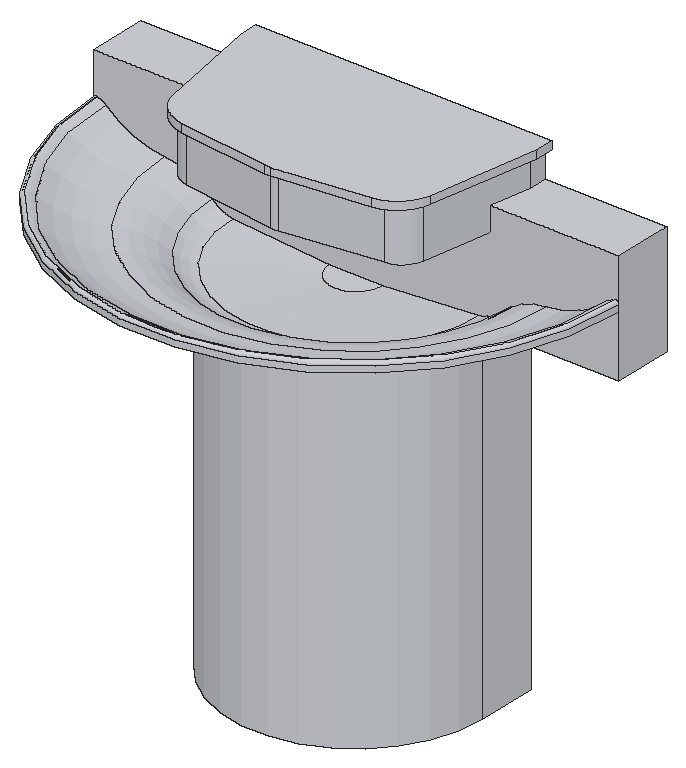
Revit family "Washfountain_Willoughby-WWF-4204-FLR", category Plumbing Fixtures, Revit 2015
Parameters
  URL = "https://www.willoughby-ind.com/wp-content/uploads/2018/01/WWF-4204.pdf"
  Revision = "A"
  Model = "WWF-4204-FLR-JR"
  Manufacturer = "Willoughby Industries"
  Description = "4 Station Half Round 42\" Stainless Steel, Deep Bowl Washfountain, Floor Mounted, Junior Height"
  Contact Info = "(800) 428-4065"
Reference planes (in)
  plane 1 "Center (Front/Back)": y = 0
  plane 2: z = 0
  plane 3 "Center (Left/Right)": x = 0
Forms (in)
  Extrusion 1, solid
    sketch origin (0, 0, 24) x (1, 0, 0) y (0, 0, 1)
      loop
        line (-21, 22) -> (-21, 13) -> (21, 13) -> (21, 22) -> (-21, 22)
    from 0 to 4.75
  Revolve 2, solid
    sketch origin (0, 0, 24) x (0, 1, 0) y (0, 0, 1)
      loop
        line (-25.75, 18) -> (-25.645, 18) -> (-25.645, 18.5)
        arc (-25.645, 18.5) -> (-25.58946, 18.6144) -> (-25.4652, 18.64105) r 0.145
        arc (-25.4652, 18.64105) -> (-25.14236, 18.51684) -> (-24.86, 18.317) r 1.395
        arc (-24.86, 18.317) -> (-22.61273, 16.86456) -> (-20.015, 16.223) r 8.105
        arc (-20.015, 16.223) -> (-18.03072, 15.71473) -> (-16.34015, 14.55814) r 5.895
        arc (-16.34015, 14.55814) -> (-15.55, 13.99657) -> (-14.62519, 13.70603) r 3.105
        arc (-14.62519, 13.70603) -> (-10.76816, 13.27715) -> (-6.89, 13.134) r 52.566
        line (-6.89, 13.134) -> (-4.75, 13.134) -> (-4.75, 13.23892) -> (-6.89891, 13.23892)
        arc (-6.89891, 13.23892) -> (-10.76924, 13.38189) -> (-14.61847, 13.80999) r 52.461
        arc (-14.61847, 13.80999) -> (-15.51174, 14.0906) -> (-16.275, 14.63292) r 3
        arc (-16.275, 14.63292) -> (-17.99549, 15.81032) -> (-20.015, 16.32792) r 6
        arc (-20.015, 16.32792) -> (-22.58032, 16.9611) -> (-24.79922, 18.3952) r 8
        arc (-24.79922, 18.3952) -> (-25.10242, 18.60963) -> (-25.449, 18.743) r 1.5
        arc (-25.449, 18.743) -> (-25.65705, 18.69278) -> (-25.75, 18.5) r 0.25
        line (-25.75, 18.5) -> (-25.75, 18)
      axis (-4.75, 13.134) -> (-4.75, 18.743)
    angle from -90 to 90
  Revolve 3, solid
    sketch origin (0, 0, 0) x (0, 1, 0) y (0, 0, 1)
      loop
        line (-4.75, 37.134) -> (-6.891, 37.134)
        arc (-6.891, 37.134) -> (-10.76906, 37.27719) -> (-14.626, 37.706) r 52.58515
        arc (-14.626, 37.706) -> (-14.75098, 37.7272) -> (-14.875, 37.75349) r 3.10529
        line (-14.875, 37.75349) -> (-14.875, 9.01953) -> (-4.75, 9.01953) -> (-4.75, 37.134)
      axis (-4.75, 37.75349) -> (-4.75, 9.01953)
    angle from -90 to 90
  Extrusion 4, solid
    sketch origin (0, 0, 0) x (1, 0, 0) y (0, 0, 1)
      loop
        line (10.125, 9.01953) -> (10.125, 37) -> (-10.125, 37) -> (-10.125, 9.01953) -> (10.125, 9.01953)
    from 0 to 4.75
  Extrusion 5, solid
    sketch origin (0, 0, 0) x (1, 0, 0) y (0, 1, 0)
      loop
        line (11.285, 0) -> (-11.285, 0) -> (-11.285, -1.44) -> (-9.675, -10.13)
        arc (-9.675, -10.13) -> (-9.06611, -11.25072) -> (-7.915, -11.8) r 2.06505
        line (-7.915, -11.8) -> (-0.34767, -12.79909)
        arc (-0.34767, -12.79909) -> (-0.04174, -12.82742) -> (0.265, -12.81) r 2.0628
        line (0.265, -12.81) -> (7.915, -11.8)
        arc (7.915, -11.8) -> (9.06611, -11.25072) -> (9.675, -10.13) r 2.06505
        line (9.675, -10.13) -> (11.285, -1.44) -> (11.285, 0)
    from 44.01953 to 48.26953
  Extrusion 6, solid
    sketch origin (0, 0, 0) x (1, 0, 0) y (0, 1, 0)
      loop
        line (11.8, 0) -> (-11.8, 0) -> (-11.8, -1.44) -> (-10.27, -10.14)
        arc (-10.27, -10.14) -> (-9.34271, -11.86582) -> (-7.57, -12.7) r 3.12385
        line (-7.57, -12.7) -> (-0.25, -13.6) -> (0.25, -13.6) -> (7.57, -12.7)
        arc (7.57, -12.7) -> (9.34271, -11.86582) -> (10.27, -10.14) r 3.12385
        line (10.27, -10.14) -> (11.8, -1.44) -> (11.8, 0)
    from 48.26953 to 48.89453
  Extrusion 7, solid
    sketch origin (0, 0, 0) x (1, 0, 0) y (0, 0, 1)
      loop
        circle (0, 32.75) r 0.75
      loop
        circle (5, 28.75) r 0.25
      loop
        circle (2, 28.75) r 0.25
    from -0.125 to 1
Dimensions and locks (in)
  aligned and locked: level to plane 2
  aligned and locked: Revolve 3 sketch curve to Revolve 3 sketch curve  (x2)
  aligned and locked: Extrusion 4 sketch curve to Revolve 3  (x2)
  aligned and locked: Revolve 3 to Extrusion 4 sketch curve
  aligned and locked: Extrusion 1 to Extrusion 4 sketch curve
  aligned and locked: Extrusion 1 to Extrusion 5 sketch curve
Connectors (in)
  piping at (2, 0.125, 28.75), diameter 0.5
    settings: on Extrusion 7, index 1, connector inside diameter 24", connector length 0' - 0", flow factor 0, pipe flow 0 GPM, pressure drop 0.00 psi, fitting loss kfactor 0, connector angle 0.00°, fixture units 0, engagement length 0' - 0", angle of deflection 0.00°, flow configuration 0, flow direction 0, fitting loss method 0, system type 20, joint type 0, gender type 0, connector reference index -1, connector utility 0, adjustable connector no, is connector primary yes, connector description ""
  piping at (5, 0.125, 28.75), diameter 0.5
    settings: on Extrusion 7, index 2, connector inside diameter 24", connector length 0' - 0", flow factor 0, pipe flow 0 GPM, pressure drop 0.00 psi, fitting loss kfactor 0, connector angle 0.00°, fixture units 0, engagement length 0' - 0", angle of deflection 0.00°, flow configuration 0, flow direction 0, fitting loss method 0, system type 19, joint type 0, gender type 0, connector reference index -1, connector utility 0, adjustable connector no, is connector primary no, connector description ""
  piping at (0, 0.125, 32.75), diameter 1.5
    settings: on Extrusion 7, index 3, connector inside diameter 24", connector length 0' - 0", flow factor 0, pipe flow 0 GPM, pressure drop 0.00 psi, fitting loss kfactor 0, connector angle 0.00°, fixture units 0, engagement length 0' - 0", angle of deflection 0.00°, flow configuration 0, flow direction 0, fitting loss method 0, system type 7, joint type 0, gender type 0, connector reference index -1, connector utility 0, adjustable connector no, is connector primary no, connector description ""
